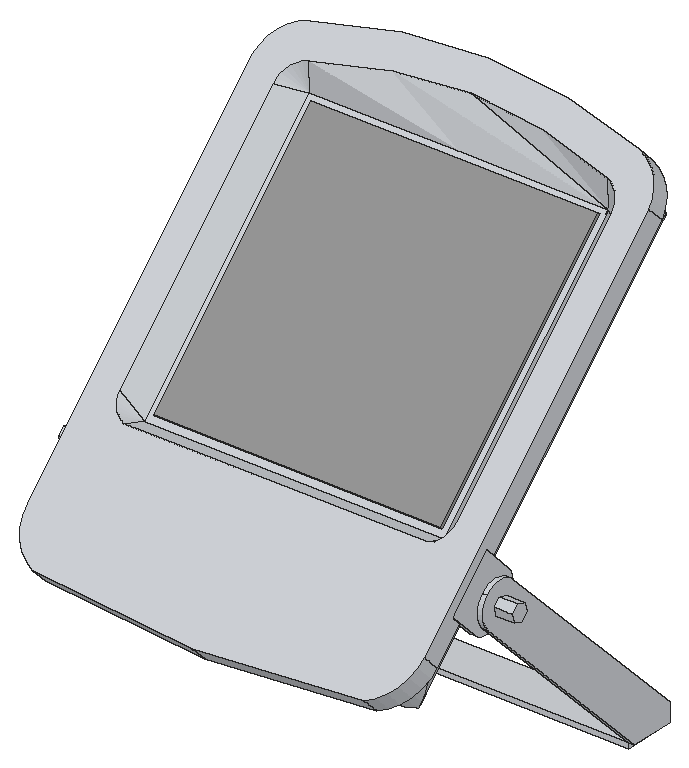
Revit family "0056718", category Generic Models, host Face, Revit 2018
Family settings
  Host = Face
  Can host rebar = No
  Round Connector Dimension = Use Diameter
  Part Type = Normal
  OmniClass Number = 23.80.70.00
  OmniClass Title = Lighting
  Cut with Voids When Loaded = No
  Shared = No
  Room Calculation Point = No
Parameters (values of type "Type Name")
  total width = 403 mm
  Width = 40 mm
  URL = "http://www.sylvania-lighting.com"
  Type Image = <None>
  Type Comments = "n/a"
  Material_3_SYL = none
  Model = ""
  Manufacturer = "Feilo Sylvania"
  Length = 368 mm
  Keynote = ""
  Material_2_SYL = none
  Description = ""
  Default Elevation = 1219.2 mm
  Cost = 0
  Material_1_SYL = none
  Assembly Code = ""
  Material_4_SYL = none
Reference planes
  plane 1 "Center (Front/Back)": y = 0
  plane 2: z = 0
  plane 3 "Center (Left/Right)": x = 0
  plane 4: y = 20
  plane 5: y = -20
  plane 6: x = -184
  plane 7: x = 184
  plane 8: y = 46
  plane 9: z = 200
  plane 10: through (0, -20, 4) normal (0, 0.7071, 0.7071)
  plane 11: through (0, 28.284, 12.284) normal (0, 0.7071, 0.7071)
  plane 12: through (0, -176, 200) normal (0, -0.7071, 0.7071)
  plane 13: z = 180
  plane 14: through (0, 7.834, 4.45) normal (0, 0.7071, 0.7071)
  plane 15: through (0, -140.356, 207.359) normal (0, -0.7071, 0.7071)
  plane 16: x = 201.5
  plane 17: x = -201.5
Forms (mm)
  Extrusion 1, solid
    sketch origin (0, 0, 0) x (1, 0, 0) y (0, 1, 0)
      loop
        line (-180, 20) -> (-180, -20) -> (180, -20) -> (180, 20) -> (-180, 20)
    from 0 to 4
  Extrusion 2, solid
    sketch origin (319, 1524, 1219.2) x (0, 1, 0) y (0, 0, 1)
      loop
        arc (-1677.574, -1025.058) -> (-1691.716, -1019.2) -> (-1705.858, -1025.058) r 20
        arc (-1705.858, -1025.058) -> (-1711.716, -1039.2) -> (-1705.858, -1053.342) r 20
        line (-1705.858, -1053.342) -> (-1544, -1215.2) -> (-1504, -1215.2) -> (-1504, -1198.631) -> (-1677.574, -1025.058)
    from -135 to -139
  Extrusion 3, solid
    sketch origin (9.982, 1524, 1219.2) x (0, 1, 0) y (0, 0, 1)
      loop
        arc (-1677.574, -1025.058) -> (-1691.716, -1019.2) -> (-1705.858, -1025.058) r 20
        arc (-1705.858, -1025.058) -> (-1711.716, -1039.2) -> (-1705.858, -1053.342) r 20
        line (-1705.858, -1053.342) -> (-1544, -1215.2) -> (-1504, -1215.2) -> (-1504, -1198.631) -> (-1677.574, -1025.058)
    from -193.982 to -189.982
  Extrusion 4, solid
    sketch origin (286.5, 1524, 1219.2) x (0, 1, 0) y (0, 0, 1)
      loop
        line (-1686.059, -1033.543) -> (-1693.786, -1031.473) -> (-1699.443, -1037.129) -> (-1697.373, -1044.857) -> (-1689.645, -1046.927) -> (-1683.988, -1041.271) -> (-1686.059, -1033.543)
    from -102.5 to -85
  Extrusion 5, solid
    sketch origin (-37.5, 1524, 1219.2) x (0, 1, 0) y (0, 0, 1)
      loop
        line (-1686.059, -1033.543) -> (-1693.786, -1031.473) -> (-1699.443, -1037.129) -> (-1697.373, -1044.857) -> (-1689.645, -1046.927) -> (-1683.988, -1041.271) -> (-1686.059, -1033.543)
    from -146.5 to -164
  Revolve 6, solid
    sketch origin (1531.325, -167.698, 1219.224) x (1, 0, 0) y (0, 0, 1)
      loop
        line (-1351.346, -1019.2) -> (-1353.082, -1019.2) -> (-1353.082, -1039.2) -> (-1351.346, -1039.2) -> (-1351.346, -1019.2)
      axis (-1353.082, -1039.2) -> (-1351.346, -1039.2)
    angle from 45.24 to 175.74
  Extrusion 7, solid, detail levels coarse
    sketch origin (319, 1524, 1219.2) x (0, 1, 0) y (0, 0, 1)
      loop
        line (-1504, -1219.2) -> (-1504, -1019.2) -> (-1711.716, -1019.2) -> (-1711.716, -1219.2) -> (-1504, -1219.2)
    from -520.5 to -117.5
Dimensions and locks
  "Width": plane 4 to plane 5
  equal spacing: plane 4, plane 1 "Center (Front/Back)", plane 5
  "Length": plane 6 to plane 7
  equal spacing: plane 6, plane 3 "Center (Left/Right)", plane 7
  "total width": plane 17 to plane 16
  equal spacing: plane 17, plane 3 "Center (Left/Right)", plane 16
  aligned and locked: plane 2 to host face
  aligned and locked: level to host face
Automatic sketch dimensions
  host sketch curve to host sketch curve = 2438.4 mm  (x2)
  Extrusion 1 sketch curve to plane 5 = 0 mm
  plane 6 to Extrusion 1 sketch curve = 4 mm
  Extrusion 1 sketch curve to plane 7 = 4 mm
  Extrusion 1 sketch curve to plane 4 = 0 mm
  Extrusion 2 sketch curve to plane 12 = 0 mm
  Extrusion 2 sketch curve to plane 10 = 0 mm  (x2)
  Extrusion 2 sketch curve to plane 11 = 0 mm  (x2)
  Extrusion 2 sketch curve to plane 5 = 0 mm
  Extrusion 2 sketch curve to plane 4 = 0 mm
  Extrusion 2 sketch curve to plane 13 = 14.142 mm
  Extrusion 2 sketch curve to Extrusion 2 sketch curve = 0 mm
  Extrusion 2 sketch curve to plane 9 = 5.858 mm  (x2)
  plane 13 to Extrusion 2 sketch curve = 0 mm
  Extrusion 3 sketch curve to plane 12 = 0 mm
  Extrusion 3 sketch curve to plane 10 = 0 mm  (x2)
  Extrusion 3 sketch curve to plane 11 = 0 mm  (x2)
  Extrusion 3 sketch curve to plane 5 = 0 mm
  Extrusion 3 sketch curve to plane 4 = 0 mm
  Extrusion 3 sketch curve to plane 13 = 14.142 mm
  Extrusion 3 sketch curve to Extrusion 3 sketch curve = 0 mm
  Extrusion 3 sketch curve to plane 9 = 5.858 mm  (x2)
  plane 13 to Extrusion 3 sketch curve = 0 mm
  Extrusion 5 sketch curve to plane 15 = 0 mm  (x2)
  plane 13 to Extrusion 5 sketch curve = 2.071 mm
  Extrusion 5 sketch curve to plane 5 = 155.443 mm
  Extrusion 5 sketch curve to plane 13 = 5.657 mm
  plane 13 to Extrusion 5 sketch curve = 7.727 mm
  Extrusion 5 sketch curve to Extrusion 5 sketch curve = 5.657 mm
  Extrusion 5 sketch curve to plane 13 = 7.727 mm
  Extrusion 5 sketch curve to Extrusion 5 sketch curve = 7.727 mm
  plane 13 to Extrusion 5 sketch curve = 5.657 mm
  Extrusion 5 sketch curve to plane 13 = 2.071 mm
  Extrusion 5 sketch curve to Extrusion 5 sketch curve = 2.071 mm
  plane 13 to Revolve 6 sketch curve = 0.024 mm  (x2)
  plane 9 to Revolve 6 sketch curve = 0.024 mm
  Revolve 6 sketch curve to plane 7 = 5.757 mm
  Revolve 6 sketch curve to Revolve 6 sketch curve = 1.736 mm
  Revolve 6 sketch curve to Revolve 6 sketch curve = 3.409 mm
  plane 7 to Revolve 6 sketch curve = 27.652 mm
  Extrusion 7 sketch curve to level = 0 mm
  Extrusion 7 sketch curve to plane 9 = 0 mm
  Extrusion 7 sketch curve to plane 14 = 0 mm
  Extrusion 7 sketch curve to plane 4 = 0 mm
Nested families
  nested 1: "0056718  head" at (0, -85.267, 261.766) x (1, 0, 0) z (0, -0.7041, 0.7101), type "0056718 KALANI IP66 42KLM 840 WB"
    with built-in parameter 1114216 (empty or 0)
Definition of nested family "0056718  head"
  Parameters (values of type "0056718 KALANI IP66 42KLM 840 WB")
    height = 97 mm
    Width = 360 mm
    Wattage Comments = "n/a"
    Wattage = 9.2903 W
    built-in parameter 1150110 = 1 (stored number, unit not read)
    URL = "0.95"
    Type Image = (empty or 0)
    Type Comments = "n/a"
    built-in parameter 1114217 = 1 (stored number, unit not read)
    Tilt Angle = 90.00°
    built-in parameter 1150109 = 1 (stored number, unit not read)
    built-in parameter 1150134 = 3
    built-in parameter 1150113 = 1 (stored number, unit not read)
    Photometric Web File = "0056718.IES"
    Material_3_SYL = none
    Model = "Kalani IP66 42KLM 840 WB"
    Manufacturer = ""
    built-in parameter 1150105 = 109.82 (stored number, unit not read)
    Lumens = 1380 lm
    built-in parameter 1150115 = 1 (stored number, unit not read)
    built-in parameter 1150137 = (empty or 0)
    built-in parameter 1150139 = (empty or 0)
    Length = 462 mm
    built-in parameter 1150112 = 1 (stored number, unit not read)
    built-in parameter 1150114 = 1 (stored number, unit not read)
    Lamp = "n/a"
    Keynote = "n/a"
    Material_2_SYL = none
    built-in parameter 1150132 = (empty or 0)
    built-in parameter 1150102 = (empty or 0)
    built-in parameter 1150107 = 3200 (stored number, unit not read)
    built-in parameter 1150138 = (empty or 0)
    built-in parameter 1150106 = 1.0982 (stored number, unit not read)
    built-in parameter 1150104 = 13.8 (stored number, unit not read)
    Dimming Lamp Color Temperature Shift = (empty or 0)
    Description = "Exterior LED Floodlight, comes complete with 1000mm flying lead and adjustable bracket, aluminium housing, clear glass diffuser, IP66, IK08, Class I, 4000K, CRI80, Non-dimmable, 46400lm, 297W, 156lm/W, Symmetrical Wide beam, 100.000hrs L70B50 lifespan, 531 x 403 x 97mm (LxWxD) dimensions, 7kg weight, RAL9017 Traffic Black color."
    Default Elevation = 1219.2 mm
    Cost = 0
    Color Filter = 16777215
    built-in parameter 1114216 [instance] = (empty or 0)
    Material_1_SYL = none
    built-in parameter 1114218 = 1 (stored number, unit not read)
    built-in parameter 1150133 = 10 (stored number, unit not read)
    Assembly Code = "D5020200"
    Apparent Load = 297 VA
    Material_4_SYL = none
  Reference planes
    plane 1 "Center (Front/Back)": y = 0
    plane 2: z = 0
    plane 3 "Center (Left/Right)": x = 0
    plane 4: x = -180
    plane 5: x = 180
    plane 6: y = 231
    plane 7: y = -231
    plane 8: z = 43
    plane 9: x = 175.638
    plane 10: x = -176
    plane 11: z = -54
    plane 12: y = 216
    plane 13: x = -161
    plane 14: x = -132.37
    plane 15: y = -216
    plane 16: y = 204
    plane 17: x = -149
    plane 18: y = 183
    plane 19: x = 149.285
    plane 20: x = 161.285
    plane 21: y = -204
    plane 22: x = 132.285
    plane 23: x = -132
    plane 24: y = -187
    plane 25: y = 166
    plane 26: y = 161
    plane 27: x = 127.285
    plane 28: x = -127
    plane 29: y = -182
    plane 30: z = 34
    plane 31: z = -23
    plane 32: z = 30
    plane 33: z = -12
    plane 34: z = 43
    plane 35: y = -101
    plane 36: y = -91
  Forms (mm)
    Extrusion 1, solid
      sketch origin (4.2, 0, 0) x (1, 0, 0) y (0, 1, 0)
        loop
          line (-1219.2, 1219.2) -> (-1219.2, -1219.2) -> (1219.2, -1219.2) -> (1219.2, 1219.2) -> (-1219.2, 1219.2)
      from 0 to -68.017
    Extrusion 2, solid, detail levels medium+fine
      sketch origin (0, 0, 0) x (1, 0, 0) y (0, 1, 0)
        loop
          arc (0.142, 231.115) -> (-73.749, 226.233) -> (-146, 210) r 478.167
          arc (-146, 210) -> (-166.631, 196.066) -> (-176, 173) r 42.746
          line (-176, 173) -> (-176, -178)
          arc (-176, -178) -> (-167.909, -203.973) -> (-146.5, -220.756) r 45.734
          arc (-146.5, -220.756) -> (-73.501, -229.462) -> (0, -231) r 752.121
          arc (0, -231) -> (73.466, -228.965) -> (146.5, -220.756) r 872.619
          arc (146.5, -220.756) -> (167.661, -203.274) -> (175.6, -177) r 47.446
          line (175.6, -177) -> (175.6, 173)
          arc (175.6, 173) -> (166.478, 196.244) -> (145.638, 210) r 41.353
          arc (145.638, 210) -> (73.591, 225.387) -> (0.142, 231.115) r 556.051
      from 43 to 23
    Extrusion 3, solid, detail levels medium+fine
      sketch origin (0, 0, 0) x (1, 0, 0) y (0, 1, 0)
        loop
          arc (0.142, -216) -> (67.047, -213.41) -> (133.548, -205.62) r 859.583
          arc (133.548, -205.62) -> (153.61, -194.289) -> (161.285, -172.564) r 32.83
          line (161.285, -172.564) -> (161.285, 155.629)
          arc (161.285, 155.629) -> (153.613, 180.158) -> (132.655, 195.035) r 40.221
          arc (132.655, 195.035) -> (67.108, 210.003) -> (0.142, 216.003) r 497.851
          arc (0.142, 216.003) -> (-66.824, 210.003) -> (-132.37, 195.035) r 497.851
          arc (-132.37, 195.035) -> (-153.328, 180.158) -> (-161, 155.629) r 40.221
          line (-161, 155.629) -> (-161, -172.564)
          arc (-161, -172.564) -> (-153.325, -194.289) -> (-133.263, -205.62) r 32.83
          arc (-133.263, -205.62) -> (-66.762, -213.41) -> (0.142, -216) r 859.583
      from -54 to 23
    Extrusion 4, void
      sketch origin (319, 1524, 1219.2) x (0, 1, 0) y (0, 0, 1)
        loop
          arc (-1308.645, -1196.2) -> (-1318.032, -1223.937) -> (-1343.192, -1238.918) r 42.268
          arc (-1343.192, -1238.918) -> (-1501.528, -1262.056) -> (-1661.169, -1273.037) r 2094.259
          line (-1661.169, -1273.037) -> (-1661.169, -1281.145) -> (-1301.922, -1281.145) -> (-1301.922, -1196.2) -> (-1308.645, -1196.2)
      from -495 to -112.715
    Extrusion 5, void
      sketch origin (319, 1524, 1219.2) x (0, 1, 0) y (0, 0, 1)
        loop
          arc (-1661.169, -1273.037) -> (-1716.017, -1250.457) -> (-1739.983, -1196.2) r 79.527
          line (-1739.983, -1196.2) -> (-1744.904, -1196.2) -> (-1744.904, -1278.095) -> (-1661.169, -1278.095) -> (-1661.169, -1273.037)
      from -511.539 to 2
    Extrusion 6, void
      sketch origin (0, 0, 0) x (1, 0, 0) y (0, 0, 1)
        loop
          arc (-140.406, -27.995) -> (-156.919, -5.008) -> (-161, 23) r 59.75
          line (-161, 23) -> (-165.355, 23) -> (-165.355, -58.837) -> (-65.355, -58.837) -> (-65.355, -53.837)
          arc (-65.355, -53.837) -> (-105.347, -48.077) -> (-140.406, -27.995) r 107.772
      from -224.025 to 311.946
    Extrusion 7, void
      sketch origin (0.285, 0, 0) x (-1, 0, 0) y (0, 0, -1)
        loop
          arc (-140.406, 27.995) -> (-105.347, 48.077) -> (-65.355, 53.837) r 107.772
          line (-65.355, 53.837) -> (-65.355, 58.837) -> (-165.355, 58.837) -> (-165.355, -23) -> (-161, -23)
          arc (-161, -23) -> (-156.919, 5.008) -> (-140.406, 27.995) r 59.75
      from -224.025 to 311.946
    Blend 8, void
      base sketch origin (0, 0, 0) x (1, 0, 0) y (0, 1, 0)
        loop
          arc (0.142, 204.004) -> (-66.812, 197.904) -> (-132.37, 183) r 507.01
          arc (-132.37, 183) -> (-144.819, 174.02) -> (-149, 159.25) r 23.343
          line (-149, 159.25) -> (-149, -80.75)
          arc (-149, -80.75) -> (-144.9, -93.295) -> (-134.184, -101) r 21.247
          line (-134.184, -101) -> (134.469, -101)
          arc (134.469, -101) -> (145.185, -93.295) -> (149.285, -80.75) r 21.247
          line (149.285, -80.75) -> (149.285, 159.25)
          arc (149.285, 159.25) -> (145.104, 174.02) -> (132.655, 183) r 23.343
          arc (132.655, 183) -> (67.097, 197.904) -> (0.142, 204.004) r 507.01
      top sketch origin (0, 0, 0) x (1, 0, 0) y (0, 1, 0)
        loop
          line (132.285, 166) -> (-132.715, 166) -> (-132.715, -91) -> (132.285, -91) -> (132.285, 166)
      from 43 to 23
    Extrusion 9, solid, detail levels fine
      sketch origin (0, 0, 0) x (1, 0, 0) y (0, 1, 0)
        loop
          line (-127, 161) -> (-127, -85.077) -> (127.285, -85.077) -> (127.285, 161) -> (-127, 161)
      from 23 to 25
    Extrusion 10, solid, detail levels medium+fine
      sketch origin (319, 1524, 1219.2) x (0, 1, 0) y (0, 0, 1)
        loop
          line (-1613.5, -1219.2) -> (-1613.5, -1185.2) -> (-1666.5, -1185.2) -> (-1666.5, -1219.2)
          arc (-1666.5, -1219.2) -> (-1657.963, -1236.13) -> (-1640, -1242.2) r 25
          arc (-1640, -1242.2) -> (-1622.037, -1236.13) -> (-1613.5, -1219.2) r 25
      from -143.362 to -147.362
    Extrusion 11, solid, detail levels medium+fine
      sketch origin (0, 0, 0) x (0, 1, 0) y (0, 0, 1)
        loop
          arc (-128, 0) -> (-124.485, -8.485) -> (-116, -12) r 12
          arc (-116, -12) -> (-107.515, -8.485) -> (-104, 0) r 12
          line (-104, 0) -> (-104, 34) -> (-128, 34) -> (-128, 0)
      from 149.285 to 171.638
    Extrusion 12, solid, detail levels medium+fine
      sketch origin (-319, 1524, 1219.2) x (0, 1, 0) y (0, 0, -1)
        loop
          arc (-1613.5, 1219.2) -> (-1622.037, 1236.13) -> (-1640, 1242.2) r 25
          arc (-1640, 1242.2) -> (-1657.963, 1236.13) -> (-1666.5, 1219.2) r 25
          line (-1666.5, 1219.2) -> (-1666.5, 1185.2) -> (-1613.5, 1185.2) -> (-1613.5, 1219.2)
      from -143 to -147
    Extrusion 13, solid, detail levels medium+fine
      sketch origin (0, 0, 0) x (0, 1, 0) y (0, 0, -1)
        loop
          line (-128, 0) -> (-128, -34) -> (-104, -34) -> (-104, 0)
          arc (-104, 0) -> (-107.515, 8.485) -> (-116, 12) r 12
          arc (-116, 12) -> (-124.485, 8.485) -> (-128, 0) r 12
      from 149.285 to 172
    Extrusion 14, solid, detail levels coarse
      sketch origin (0, 0, 0) x (1, 0, 0) y (0, 0, 1)
        loop
          line (-176, 43) -> (-176, -54) -> (175.638, -54) -> (175.638, 43) -> (-176, 43)
      from -231 to 231
  Cuts and joins
    Extrusion 4, Extrusion 5, Extrusion 6, Extrusion 7, Blend 8 cuts Extrusion 3
    Extrusion 6, Extrusion 7, Blend 8 cuts Extrusion 2
  Dimensions and locks
    "Width": plane 4 to plane 5
    equal spacing: plane 4, plane 3 "Center (Left/Right)", plane 5
    "Length": plane 6 to plane 7
    equal spacing: plane 6, plane 1 "Center (Front/Back)", plane 7
    "height": plane 11 to plane 34
    aligned and locked: plane 2 to Extrusion 1
    aligned and locked: level to Extrusion 1
  Automatic sketch dimensions
    Extrusion 1 sketch curve to Extrusion 1 sketch curve = 2438.4 mm  (x2)
    Extrusion 2 sketch curve to plane 10 = 0 mm
    Extrusion 2 sketch curve to plane 3 "Center (Left/Right)" = 0 mm
    Extrusion 2 sketch curve to plane 7 = 0 mm
    Extrusion 2 sketch curve to plane 14 = 1.058 mm
    plane 23 to Extrusion 2 sketch curve = 1.734 mm
    Extrusion 2 sketch curve to plane 3 "Center (Left/Right)" = 21.035 mm
    Extrusion 2 sketch curve to plane 3 "Center (Left/Right)" = 6.269 mm
    Extrusion 2 sketch curve to plane 3 "Center (Left/Right)" = 5.371 mm
    plane 3 "Center (Left/Right)" to Extrusion 2 sketch curve = 12.595 mm
    plane 27 to Extrusion 2 sketch curve = 0.869 mm
    plane 22 to Extrusion 2 sketch curve = 2.056 mm
    plane 9 to Extrusion 2 sketch curve = 0.038 mm
    Extrusion 2 sketch curve to plane 7 = 16.02 mm
    Extrusion 2 sketch curve to Extrusion 2 sketch curve = 77.879 mm
    plane 29 to Extrusion 2 sketch curve = 4 mm
    plane 24 to Extrusion 2 sketch curve = 10 mm
    plane 25 to Extrusion 2 sketch curve = 3.145 mm
    plane 25 to Extrusion 2 sketch curve = 4.22 mm
    plane 25 to Extrusion 2 sketch curve = 7 mm  (x2)
    plane 6 to Extrusion 2 sketch curve = 289.827 mm
    Extrusion 2 sketch curve to Extrusion 2 sketch curve = 120.701 mm
    Extrusion 2 sketch curve to Extrusion 2 sketch curve = 0 mm  (x2)
    Extrusion 3 sketch curve to plane 13 = 0 mm
    Extrusion 3 sketch curve to plane 14 = 0 mm  (x2)
    Extrusion 3 sketch curve to plane 20 = 0 mm
    Extrusion 3 sketch curve to plane 28 = 1.176 mm
    Extrusion 3 sketch curve to plane 26 = 4.483 mm  (x2)
    Extrusion 3 sketch curve to Extrusion 3 sketch curve = 11.582 mm
    Extrusion 3 sketch curve to plane 3 "Center (Left/Right)" = 10.702 mm
    Extrusion 3 sketch curve to plane 3 "Center (Left/Right)" = 0.083 mm
    plane 3 "Center (Left/Right)" to Extrusion 3 sketch curve = 0.368 mm
    plane 3 "Center (Left/Right)" to Extrusion 3 sketch curve = 10.987 mm
    Extrusion 3 sketch curve to plane 27 = 6.211 mm
    plane 27 to Extrusion 3 sketch curve = 1.176 mm
    Extrusion 3 sketch curve to plane 26 = 5.371 mm  (x2)
    plane 29 to Extrusion 3 sketch curve = 9.436 mm  (x2)
    plane 29 to Extrusion 3 sketch curve = 8.813 mm  (x2)
    Extrusion 3 sketch curve to Extrusion 3 sketch curve = 0 mm  (x3)
    plane 6 to Extrusion 3 sketch curve = 412.583 mm
    plane 12 to Extrusion 3 sketch curve = 0.003 mm
    plane 15 to Extrusion 3 sketch curve = 0 mm
    plane 21 to Extrusion 4 sketch curve = 3.04 mm
    plane 25 to Extrusion 4 sketch curve = 7.103 mm
    Extrusion 4 sketch curve to plane 12 = 0.645 mm
    plane 12 to Extrusion 4 sketch curve = 6.078 mm
    plane 11 to Extrusion 4 sketch curve = 7.945 mm
    Extrusion 4 sketch curve to plane 11 = 0.163 mm
    Extrusion 4 sketch curve to plane 32 = 8.159 mm
    Extrusion 4 sketch curve to plane 32 = 7 mm
    plane 8 to Extrusion 4 sketch curve = 1996.45 mm
    Extrusion 5 sketch curve to plane 15 = 4.904 mm
    plane 15 to Extrusion 5 sketch curve = 0.017 mm
    plane 11 to Extrusion 5 sketch curve = 4.895 mm
    Extrusion 5 sketch curve to plane 11 = 0.163 mm
    Extrusion 5 sketch curve to plane 32 = 7 mm
    Extrusion 6 sketch curve to plane 13 = 0 mm
    Extrusion 6 sketch curve to plane 13 = 4.355 mm
    Extrusion 6 sketch curve to plane 32 = 12.634 mm
    plane 28 to Extrusion 6 sketch curve = 25.484 mm
    plane 8 to Extrusion 6 sketch curve = 10.823 mm
    Extrusion 6 sketch curve to Extrusion 6 sketch curve = 31.257 mm
    Extrusion 6 sketch curve to plane 11 = 0.163 mm
    plane 28 to Extrusion 6 sketch curve = 61.645 mm
    plane 11 to Extrusion 6 sketch curve = 4.837 mm
    Extrusion 6 sketch curve to plane 32 = 7 mm
    Extrusion 7 sketch curve to plane 20 = 0 mm
    Extrusion 7 sketch curve to plane 20 = 4.355 mm
    plane 32 to Extrusion 7 sketch curve = 12.634 mm
    plane 27 to Extrusion 7 sketch curve = 25.484 mm
    Extrusion 7 sketch curve to plane 8 = 10.823 mm
    Extrusion 7 sketch curve to Extrusion 7 sketch curve = 31.257 mm
    plane 11 to Extrusion 7 sketch curve = 0.163 mm
    plane 27 to Extrusion 7 sketch curve = 61.645 mm
    Extrusion 7 sketch curve to plane 11 = 4.837 mm
    plane 32 to Extrusion 7 sketch curve = 7 mm
    Extrusion 9 sketch curve to plane 28 = 0 mm
    Extrusion 9 sketch curve to plane 27 = 0 mm
    plane 29 to Extrusion 9 sketch curve = 96.923 mm
    Extrusion 9 sketch curve to plane 26 = 0 mm
    Extrusion 10 sketch curve to plane 31 = 0 mm
    Extrusion 10 sketch curve to level = 0 mm  (x2)
    Extrusion 10 sketch curve to plane 30 = 0 mm
    Extrusion 11 sketch curve to Extrusion 11 sketch curve = 0 mm  (x2)
    Extrusion 11 sketch curve to level = 0 mm
    Extrusion 11 sketch curve to plane 30 = 0 mm
    Extrusion 12 sketch curve to plane 30 = 0 mm
    Extrusion 12 sketch curve to level = 0 mm  (x2)
    Extrusion 12 sketch curve to plane 31 = 0 mm
    Extrusion 13 sketch curve to Extrusion 13 sketch curve = 0 mm  (x2)
    Extrusion 13 sketch curve to level = 0 mm
    Extrusion 13 sketch curve to plane 30 = 0 mm
    plane 10 to Extrusion 14 sketch curve = 0 mm
    plane 9 to Extrusion 14 sketch curve = 0 mm
    Extrusion 14 sketch curve to plane 11 = 0 mm
    Extrusion 14 sketch curve to plane 8 = 0 mm
    plane 35 to Extrusion 10 sketch curve = 11.5 mm
    plane 35 to Extrusion 12 sketch curve = 11.5 mm
    level to Extrusion 10 sketch curve = 1.95 mm  (x2)
    Extrusion 10 sketch curve to Extrusion 10 sketch curve = 24.924 mm  (x2)
    Extrusion 11 sketch curve to plane 33 = 0 mm
    level to Extrusion 12 sketch curve = 1.95 mm  (x2)
    Extrusion 12 sketch curve to Extrusion 12 sketch curve = 24.924 mm  (x2)
    Extrusion 13 sketch curve to plane 33 = 0 mm
    Extrusion 4 sketch curve to plane 35 = 36.169 mm
    Extrusion 5 sketch curve to plane 35 = 36.169 mm
    Extrusion 5 sketch curve to plane 32 = 4.313 mm
    Extrusion 11 sketch curve to plane 35 = 27 mm
    Extrusion 13 sketch curve to plane 35 = 27 mm
    Blend 8 sketch curve to plane 17 = 0 mm
    Blend 8 sketch curve to plane 35 = 0 mm
    Blend 8 sketch curve to plane 14 = 0 mm  (x2)
    Blend 8 sketch curve to plane 18 = 0 mm  (x3)
    Blend 8 sketch curve to plane 19 = 0 mm
    Blend 8 sketch curve to plane 28 = 0.753 mm
    Blend 8 sketch curve to plane 26 = 0.369 mm  (x2)
    Blend 8 sketch curve to Blend 8 sketch curve = 6.673 mm
    Blend 8 sketch curve to plane 3 "Center (Left/Right)" = 12.274 mm
    plane 3 "Center (Left/Right)" to Blend 8 sketch curve = 12.559 mm
    Blend 8 sketch curve to Blend 8 sketch curve = 23.302 mm
    plane 27 to Blend 8 sketch curve = 0.753 mm
    Blend 8 sketch curve to Blend 8 sketch curve = 0 mm
    Blend 8 sketch curve to Blend 8 sketch curve = 20.25 mm  (x2)
    Blend 8 sketch curve to plane 25 = 0 mm
    Blend 8 sketch curve to plane 36 = 0 mm
    Blend 8 sketch curve to plane 22 = 0 mm
    Blend 8 sketch curve to plane 14 = 0.345 mm
  Connectors
    electrical at (0, 0, 0), driven by "Apparent Load"
      settings: index 1, voltage 230 V, apparent load 297 VA, apparent load phase1 0 VA, apparent load phase2 0 VA, apparent load phase3 0 VA, power factor 0, load classification none, number of poles 1, system type 30, power factor state 1, is connector primary yes, connector utility no, sub classification motor no, connector description ""
